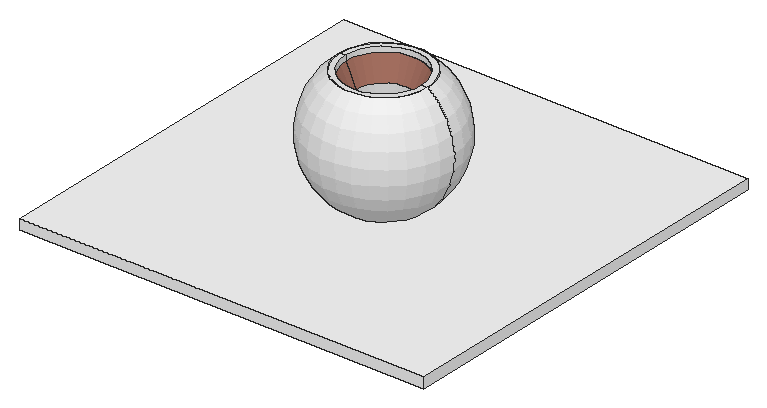
Revit family "BE_50856.6_de_DE", category Leuchten, Revit 2020
Family settings
  Basisbauteil = Fläche
  Bemaßung runder Anschluss = Durchmesser verwenden
  Teiletyp = Normal
  Beim Laden mit Abzugskörper schneiden = Ja
  Lichtquelle = Ja
  Gemeinsam genutzt = Nein
  Raumberechnungspunkt = Ja
Parameters (values of type "BEGA_50856.6_K3")
  built-in parameter 1150104 = 13.118 (stored number, unit not read)
  Wattage = 8.5 W
  Default Elevation = 0 mm
  built-in parameter 1150113 = 1 (stored number, unit not read)
  built-in parameter 1114218 = 1 (stored number, unit not read)
  Umgebungstemperatur = "25 °C"
  URL = "https://www.bega.com/de/produkt/50856.6"
  Typenkommentare = "© 2022 BEGA. Wir behalten uns das Recht vor, technische Änderungen ohne vorherige Ankündigung vorzunehmen."  # constant formula
  built-in parameter 1150134 = (empty or 0)
  built-in parameter 1150109 = 1 (stored number, unit not read)
  Strom = ""
  built-in parameter 1150110 = 1 (stored number, unit not read)
  Spannung = 239.996 V
  Sonderanfertigung = no
  Seriennummer [instance] = "Hier können Sie die eindeutige Seriennummer für das Facility Management eintragen."
  Schutzklasse = "I"
  Schutzart = "IP 20"
  Scheinlast = 0 VA
  Produktdatenblatt = "https://cdn.bega.com/bega/products/50856.6K3/current/documents/data-sheets/de"
  Oberflächentemperatur = ""
  Neigungswinkel = 0.00°
  Modell = "50856.6K3"
  Material_34 = BEGA_Oberfläche_Samtweiss_matt
  Material_29 = BEGA_Oberfläche_Kupfer_matt
  Material_23 = BEGA_Oberfläche_Chrom_poliert
  Material_17 = BEGA_Reflektor
  Material_15 = BEGA_Leuchtmedium_matt
  Material_13 = BEGA_Kunststoff_matt
  Material_11 = BEGA_Glas_opal
  Material_09 = BEGA_Glas_klar
  Material_06 = BEGA_Oberfläche_Edelstahl_gebürstet
  Material_03 = BEGA_Oberfläche_Weiss_matt
  Material_02 = BEGA_Oberfläche_Silber_matt
  Material_01 [instance] = BEGA_Oberfläche_Grafit_matt
  M_W = no
  M_G = no
  M_A = no
  Logo = 0
  built-in parameter 1114217 = 1 (stored number, unit not read)
  built-in parameter 1150139 = (empty or 0)
  built-in parameter 1150105 = 95.509 (stored number, unit not read)
  built-in parameter 1150114 = 1 (stored number, unit not read)
  Lumens = 1200.2 lm
  built-in parameter 1150115 = 1 (stored number, unit not read)
  Leuchtenlichtstrom = "774 lm"
  Leuchtenanzahl = ""
  Lebensdauerkriterien = "L70B50 @ 25 °C = 200000 h"
  Lastklassifizierung = Beleuchtung
  built-in parameter 1150112 = 1 (stored number, unit not read)
  Lampenlichtstrom = "1200 lm"
  Lampe = "LED 8.5 W"
  LED_Modulbezeichnung = "LED-0581/930"
  Hersteller = "BEGA"  # constant formula
  Halbstreuwinkel = ""
  Gewicht = "0.85 kg"
  Gebrauchslageneinschränkung [instance] = ""
  Frequenz = "0/50-60 Hz"
  Farbwiedergabeindex = "CRI > 90"
  Farbtemperaturverschiebung bei Dämpfen der Lampe = <Keine Auswahl>
  Farbtemperatur = "3000 K"
  Color Filter = 16777215
  built-in parameter 1150133 = 10 (stored number, unit not read)
  Energieeffizienzklasse = "LED A++ - A"
  built-in parameter 1150137 = (empty or 0)
  built-in parameter 1150132 = (empty or 0)
  ENEC = "ja"
  Dimmbar [instance] = "DALI"
  Datei für fotometrisches Netz = "BE_50856.6K3.IES"
  CE_Konformität = "ja"
  Bestellnummer = "50856.6K3"
  Beschreibung_Sonderanfertigung = "Hier können Sie Informationen zur Sonderanfertigung eintragen."
  Beschreibung = "Deckenleuchte · Tiefstrahler"
  built-in parameter 1150106 = 0.95509 (stored number, unit not read)
  Befestigungsbohrung = "Ø 4,5 mm"
  Befestigungsabstand = "36 mm"
  Ballwurfsicher = ""
  BEGA_Intern_aus = yes
  BEGA_Intern_an = yes
  BEGA_Intern_Konstruktion = yes
  BEGA_Intern = yes
  BEGA_IES = yes
  BEGA_Dummy = no
  Anschlussleitung = ""
  Anschlussleistung [instance] = "10 W"
  Anschlusskasten = ""
  built-in parameter 1150107 = 3000 (stored number, unit not read)
  built-in parameter 1150102 = (empty or 0)
  built-in parameter 1150138 = (empty or 0)
  Aktualisierung = "2022-05-19T04:00:07"
  Abstand_zur_angestrahlten_Fläche [instance] = ""
  AC/DC = "AC/DC"
Reference planes
  plane 1 "Mitte (Vorne/Hinten)": y = 0
  plane 2: z = 0
  plane 3 "Mitte (Links/Rechts)": x = 0
  plane 4 "Links": x = -70
  plane 5 "Rechts": x = 70
  plane 6 "Unten": y = -70
  plane 7 "Oben": y = 70
  plane 8 "Vorne": z = 113.91
  plane 9 "Hinten": z = 0
Forms (mm)
  Extrusion 1, solid, material "BEGA_Platte_Weiss"
    sketch origin (0, -1119.2, 0) x (1, 0, 0) y (0, 1, 0)
      loop
        line (-200, 1319.2) -> (-200, 919.2) -> (200, 919.2) -> (200, 1319.2) -> (-200, 1319.2)
    from 0 to -10
  Extrusion 2, solid, material "BEGA_Dummy_matt", visible <- "BEGA_Dummy"
    sketch origin (77.149, -76.023, 0) x (1, 0, 0) y (0, 1, 0)
      loop
        circle (-77.149, 76.023) r 70
    from 0 to 113.91
Dimensions and locks
  plane 1 "Mitte (Vorne/Hinten)" to Extrusion 1 = 200 mm
  aligned and locked: plane 2 to Extrusion 1
  aligned and locked: level to Extrusion 1
Nested families
  nested 1: "BE_50856.6" at (0, 0, 0), type "BE_50856.6"
Connectors
  electrical at (0, 0, 0), driven by "Lastklassifizierung", driven by "Spannung", driven by "Scheinlast"
    settings: index 1, voltage 239.996 V, apparent load 0 VA, apparent load phase1 0 VA, apparent load phase2 0 VA, apparent load phase3 0 VA, power factor 1, load classification "Beleuchtung", number of poles 1, system type 31, power factor state 1, is connector primary yes, connector utility no, sub classification motor no, connector description ""
Definition of nested family "BE_50856.6"
  Parameters (values of type "BE_50856.6")
    Default Elevation = 1 mm
    URL = "http://www.bega.de/de/produkt"
    Type Comments = "© 2015 BEGA. Wir behalten uns das Recht vor, technische Änderungen ohne vorherige Ankündigung vorzunehmen. "  # constant formula
    Type Image = (empty or 0)
    Neigungswinkel_um_Z2 = 0.00°
    Neigungswinkel_um_Z1 = 0.00°
    Neigungswinkel_um_Y2 = 0.00°
    Neigungswinkel_um_Y1 = 0.00°
    Neigungswinkel_um_X2 = 0.00°
    Neigungswinkel_um_X1 = 0.00°
    Material_34 = none
    Material_29 = none
    Material_23 = none
    Material_17 = none
    Material_15 = none
    Material_13 = none
    Material_11 = none
    Material_09 = none
    Material_06 = none
    Material_01 = none
    M_W = yes
    M_G = yes
    M_A = yes
    Länge_Platte = 200 mm  # constant formula
    Höhe_Platte = -10 mm  # constant formula
    Manufacturer = "BEGA"  # constant formula
    Drehwinkel_um_Z2 = 0.00°
    Drehwinkel_um_Z1 = 0.00°
    Breite_Platte = 200 mm  # constant formula
  Reference planes
    plane 1 "Mitte (Oben/Unten)": y = 0
    plane 2: z = 0
    plane 3 "Mitte (Links/Rechts)": x = 0
    plane 4: z = 114.032
    plane 5: x = 70
    plane 6: x = -70
    plane 7: y = 70
    plane 8: y = -70
  Forms (mm)
    Extrusion 1, solid, detail levels medium
      sketch origin (0, 0, 0) x (1, 0, 0) y (0, 1, 0)
        loop
          line (-100, 100) -> (-100, -100) -> (100, -100) -> (100, 100) -> (-100, 100)
      from 0 to -10 <- "Höhe_Platte"
    Revolve 2, solid, material <- "Material_34"
      sketch origin (0, 0, 0) x (1, 0, 0) y (0, 0, 1)
        loop
          arc (-43.64, 114.032) -> (-69.938, 56.364) -> (-38.9, 1.104) r 70
          line (-38.9, 1.104) -> (-29.942, 1.104) -> (-30, 0) -> (-23, 0) -> (-22.651, 10) -> (0, 10) -> (0, 12) -> (-47.452, 12)
          arc (-47.452, 12) -> (-66.996, 58.608) -> (-48.419, 105.61) r 67
          line (-48.419, 105.61) -> (-42.981, 105.61) -> (-43.64, 114.032)
        axis (0, 114.032) -> (0, 0)
      angle from 0 to 360
    Revolve 3, solid, material <- "Material_23"
      sketch origin (0, 0, 0) x (1, 0, 0) y (0, 0, 1)
        loop
          line (-37.58, 109.11) -> (-37.847, 113.91) -> (-43.5, 113.91) -> (-43.332, 109.11) -> (-37.58, 109.11)
        axis (0, 113.91) -> (0, 109.11)
      angle from 0 to 360
    Revolve 4, solid, material <- "Material_29"
      sketch origin (0, 0, 0) x (1, 0, 0) y (0, 0, 1)
        loop
          line (-37.8, 109.11) -> (-39.6, 109.11) -> (-39.6, 108.11) -> (-38.443, 108.11) -> (-29.22, 87.871) -> (-27.725, 87.003) -> (-37.8, 109.11)
        axis (0, 109.11) -> (0, 87.003)
      angle from 0 to 360
    Revolve 5, solid, material <- "Material_13"
      sketch origin (0, 0, 0) x (1, 0, 0) y (0, 0, 1)
        loop
          arc (0, 75.56) -> (-6.282, 73.941) -> (-11, 69.488) r 13
          line (-11, 69.488) -> (-12.002, 69.488) -> (-12.002, 68.088) -> (-9.75, 68.088) -> (-9.75, 69.206)
          arc (-9.75, 69.206) -> (-5.514, 72.992) -> (0, 74.36) r 11.8
          line (0, 74.36) -> (0, 75.56)
        axis (0, 75.56) -> (0, 68.088)
      angle from 0 to 360
    Revolve 6, solid, material <- "Material_17"
      sketch origin (0, 0, 0) x (1, 0, 0) y (0, 0, 1)
        loop
          line (-27.68, 86.988) -> (-29.007, 86.988)
          arc (-29.007, 86.988) -> (-23.383, 78.002) -> (-16.435, 69.995) r 68.265
          line (-16.435, 69.995) -> (-11, 69.52) -> (-11, 70.523) -> (-16.038, 70.964)
          arc (-16.038, 70.964) -> (-22.355, 78.616) -> (-27.68, 86.988) r 80.266
        axis (0, 86.988) -> (0, 69.52)
      angle from 0 to 360
    Extrusion 7, void
      sketch origin (0, 0, 0) x (1, 0, 0) y (0, 1, 0)
        loop
          circle (-18, 0) r 2.25
        loop
          circle (18, 0) r 2.25
      from 0 to 24.421
  Cuts and joins
    Extrusion 7 cuts Revolve 2
    Extrusion 7 cuts Revolve 6
  Dimensions and locks
    equal spacing: Extrusion 1 sketch curve, plane 3 "Mitte (Links/Rechts)", Extrusion 1 sketch curve
    equal spacing: Extrusion 1 sketch curve, plane 1 "Mitte (Oben/Unten)", Extrusion 1 sketch curve
    "Länge_Platte": Extrusion 1 sketch curve to Extrusion 1 sketch curve
    "Breite_Platte": Extrusion 1 sketch curve to Extrusion 1 sketch curve
    level to cut or joined group of Revolve 2, Extrusion 7 = 1.104 mm
    aligned and locked: plane 2 to Extrusion 1
    aligned and locked: level to Extrusion 1
  Automatic sketch dimensions
    Revolve 2 sketch curve to plane 3 "Mitte (Links/Rechts)" = 0 mm  (x2)
    level to Revolve 2 sketch curve = 1.104 mm
    Revolve 2 sketch curve to Revolve 2 sketch curve = 8.9 mm
    Revolve 2 sketch curve to Revolve 2 sketch curve = 0.058 mm
    Revolve 2 sketch curve to Revolve 2 sketch curve = 7 mm
    Revolve 2 sketch curve to Revolve 2 sketch curve = 0.349 mm
    Revolve 2 sketch curve to Revolve 2 sketch curve = 0 mm  (x2)
    Revolve 2 sketch curve to Revolve 2 sketch curve = 4.779 mm
    Revolve 2 sketch curve to Revolve 2 sketch curve = 8.552 mm
    Revolve 2 sketch curve to Revolve 2 sketch curve = 22.651 mm
    level to Revolve 2 sketch curve = 10 mm
    Revolve 2 sketch curve to Revolve 2 sketch curve = 2 mm
    Revolve 2 sketch curve to Revolve 2 sketch curve = 47.3 mm
    Revolve 2 sketch curve to level = 0 mm
    Revolve 2 sketch curve to Revolve 2 sketch curve = 5.438 mm
    Revolve 2 sketch curve to Revolve 2 sketch curve = 8.422 mm
    Revolve 3 sketch curve to plane 3 "Mitte (Links/Rechts)" = 43.332 mm
    Revolve 3 sketch curve to Revolve 3 sketch curve = 5.752 mm
    level to Revolve 3 sketch curve = 109.11 mm
    Revolve 3 sketch curve to Revolve 3 sketch curve = 0.168 mm
    Revolve 3 sketch curve to Revolve 3 sketch curve = 0.266 mm
    Revolve 3 sketch curve to Revolve 3 sketch curve = 4.8 mm
    Revolve 5 sketch curve to Revolve 5 sketch curve = 0 mm
    Revolve 5 sketch curve to plane 3 "Mitte (Links/Rechts)" = 0 mm
    Revolve 5 sketch curve to plane 3 "Mitte (Links/Rechts)" = 9.75 mm
    Revolve 5 sketch curve to Revolve 5 sketch curve = 1.25 mm
    level to Revolve 5 sketch curve = 62.56 mm
    Revolve 5 sketch curve to Revolve 5 sketch curve = 6.647 mm
    Revolve 5 sketch curve to Revolve 5 sketch curve = 0.282 mm
    Revolve 5 sketch curve to Revolve 5 sketch curve = 1.002 mm
    Revolve 5 sketch curve to Revolve 5 sketch curve = 1.118 mm
    Revolve 4 sketch curve to plane 3 "Mitte (Links/Rechts)" = 0 mm
    Revolve 4 sketch curve to Revolve 4 sketch curve = 0.643 mm
    Revolve 4 sketch curve to Revolve 4 sketch curve = 1.157 mm
    Revolve 4 sketch curve to Revolve 4 sketch curve = 1 mm
    Revolve 4 sketch curve to level = 413.745 mm
    Revolve 4 sketch curve to Revolve 4 sketch curve = 1.494 mm
    Revolve 4 sketch curve to Revolve 4 sketch curve = 0.868 mm
    Revolve 4 sketch curve to Revolve 4 sketch curve = 8.58 mm
    Revolve 4 sketch curve to Revolve 4 sketch curve = 20.239 mm
    Revolve 4 sketch curve to Revolve 4 sketch curve = 675.758 mm
    Revolve 4 sketch curve to plane 3 "Mitte (Links/Rechts)" = 27.725 mm
    level to Revolve 4 sketch curve = 87.003 mm
    Revolve 6 sketch curve to plane 3 "Mitte (Links/Rechts)" = 16.435 mm
    Revolve 6 sketch curve to Revolve 6 sketch curve = 0.396 mm
    Revolve 6 sketch curve to Revolve 6 sketch curve = 5.038 mm
    plane 3 "Mitte (Links/Rechts)" to Revolve 6 sketch curve = 31.495 mm
    Revolve 6 sketch curve to Revolve 6 sketch curve = 11.086 mm
    level to Revolve 6 sketch curve = 69.52 mm
    Revolve 6 sketch curve to Revolve 6 sketch curve = 0.475 mm
    Revolve 6 sketch curve to Revolve 6 sketch curve = 1.004 mm
    Revolve 6 sketch curve to Revolve 6 sketch curve = 0.969 mm
    Revolve 6 sketch curve to Revolve 6 sketch curve = 7.19 mm
    Revolve 6 sketch curve to Revolve 6 sketch curve = 11.642 mm
    Revolve 6 sketch curve to Revolve 6 sketch curve = 1.327 mm
    plane 1 "Mitte (Oben/Unten)" to Extrusion 7 sketch curve = 0 mm  (x2)
    Extrusion 7 sketch curve to plane 3 "Mitte (Links/Rechts)" = 18 mm
    plane 3 "Mitte (Links/Rechts)" to Extrusion 7 sketch curve = 18 mm
    radius of Extrusion 7 sketch curve = 2.25 mm  (x2)
